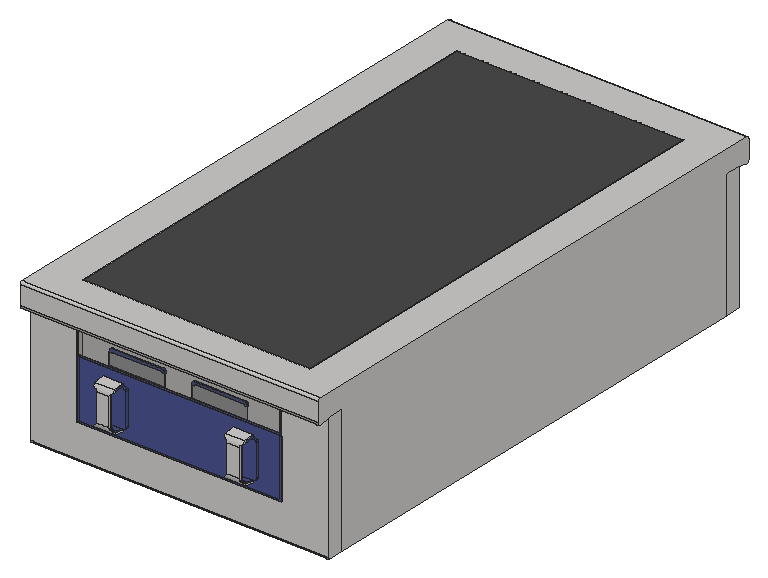
Revit family "QF_ELECTROLUXPROFESSIONAL_589025_MCIBAAEOAO", category Specialty Equipment, Revit 2018
Family settings
  Round Connector Dimension = Use Diameter
  Part Type = Normal
  Work Plane-Based = No
  Always vertical = Yes
  Cut with Voids When Loaded = No
  Shared = No
  Room Calculation Point = No
Parameters
  Weight in Pounds = 55.1
  Watts = 10000 VA  # 10000 W
  Volts = 400 V  # constant formula
  URL Cutsheet = ""
  Type Mark [instance] = ""
  Status [instance] = ""
  Specification by User [instance] = ""
  Specification by Manufacturer = ""
  Serial Number = ""
  Seismic Rating = ""
  SMACNA No = ""
  Revision Code [instance] = ""
  Phase = 3  # constant formula
  Omniclass Number and Title = ""
  Number of Poles [instance] = 1
  NAFEM Spec ID Number = ""
  Model = "589025"
  Min Ckt Ampacity = 0 A
  Max Overcurrent Protection = 0 A
  Masterspec = ""
  Manufacturer = "ELECTROLUX"
  Item Number [instance] = ""
  Installed By [instance] = ""
  Identify Quantity as Lot [instance] = yes
  HP = "13.4 HP"
  Furnished By [instance] = ""
  Foodservice Equipment Identifier [instance] = yes
  FL Amps [instance] = if(Phase = 3, Watts / (Volts * 1.73), Watts / Volts)  # 14.4509 A
  Electrical Remarks = "400 V/3N ph/50/60 Hz"  # constant formula
  Electric Connection Type [instance] = ""
  Elec Conn RI Height [instance] = 0 mm
  Elec Conn Connection Height [instance] = 0 mm
  Direct Waste Size = 0"
  Description = "INDUCTION TOP,2 ZONES,1SIDE,500X900X250H"
  Cycle [instance] = if([60 Hertz Option], 60 Hz, 50 Hz)  # 60 Hz
  Conn Plug = ""
  Conn Conduit = yes
  CSI MasterFormat = ""
  CSI Master Format = ""
  Back Panel [instance] = yes
  Apparent Power [instance] = if(Phase = 3, Volts * FL Amps * 1.73, Volts * FL Amps)  # 10000 VA
  60 Hertz Option [instance] = not([50 Hertz Option])  # yes
  50 Hertz Option [instance] = no
Reference planes
  plane 1 "BACK": y = 0
  plane 2: z = 0
  plane 3 "LEFT": x = 0
  plane 4 "RIGHT": x = 500
  plane 5 "FRONT": y = -900
  plane 6 "TOP": z = 250
  plane 7: x = 250
  plane 8: y = -450
  plane 9: z = 582.185
Forms (mm)
  Extrusion 1, solid, material "QF_Finishes_Stainless Steel"
    sketch origin (0, -487.128, 0) x (0, 1, 0) y (0, 0, 1)
      loop
        line (483.128, 250) -> (-408.872, 250)
        arc (-408.872, 250) -> (-411.7, 248.828) -> (-412.872, 246) r 4
        line (-412.872, 246) -> (-412.872, 214)
        arc (-412.872, 214) -> (-411.443, 210.936) -> (-408.177, 210.061) r 4
        line (-408.177, 210.061) -> (-391.509, 213) -> (-366.872, 213) -> (-366.872, 0) -> (441.128, 0) -> (441.128, 213) -> (465.765, 213) -> (482.433, 210.061)
        arc (482.433, 210.061) -> (485.699, 210.936) -> (487.128, 214) r 4
        line (487.128, 214) -> (487.128, 246)
        arc (487.128, 246) -> (485.956, 248.828) -> (483.128, 250) r 4
    from 0 to 500
  Extrusion 2, solid, material "QF_Finishes_Stainless Steel", visible <- "Back Panel"
    sketch origin (0, 0, 0) x (0, 1, 0) y (0, 0, 1)
      loop
        line (-46, 0) -> (-20, 0) -> (-20, 213) -> (-46, 213) -> (-46, 0)
    from 0 to 500
  Extrusion 3, void
    sketch origin (653.786, 44.048, 250) x (1, 0, 0) y (0, -1, 0)
      loop
        line (-593.786, 104.048) -> (-213.786, 104.048) -> (-213.786, 887.779) -> (-593.786, 887.779) -> (-593.786, 104.048)
    from 0 to 37
  Extrusion 4, solid, material "QF_Finishes_Stainless Steel"
    sketch origin (0, -854, 0) x (1, 0, 0) y (0, -1, 0)
      loop
        circle (455, -169) r 6.35
    from 0 to 3.2
  Extrusion 5, solid, material "QF_Finishes_Black"
    sketch origin (653.786, 44.048, 213) x (1, 0, 0) y (0, 1, 0)
      loop
        line (-593.786, -887.779) -> (-213.786, -887.779) -> (-213.786, -104.048) -> (-593.786, -104.048) -> (-593.786, -887.779)
    from 0 to 37
Cuts and joins
  Extrusion 3 cuts Extrusion 1
Lines and regions (mm)
  symbolic lines
    curve 1: line (0, 0, 0) -> (500, 0, 0)
    curve 2: line (0, -900, 0) -> (0, 0, 0)
    curve 3: line (500, -900, 0) -> (0, -900, 0)
    curve 4: line (500, 0, 0) -> (500, -900, 0)
    curve 5: line (440, -843.73, 0) -> (440, -60, 0)
    curve 6: line (440, -60, 0) -> (60, -60, 0)
    curve 7: line (60, -60, 0) -> (60, -843.73, 0)
    curve 8: line (60, -843.73, 0) -> (440, -843.73, 0)
    curve 9: line (124.883, -902.326, 0) -> (124.883, -900, 0)
    curve 10: spline (130.551, -903.73, 0) -> (130.073, -903.657, 0) -> (129.595, -903.575, 0) -> (129.118, -903.486, 0) -> (128.642, -903.389, 0) -> (128.167, -903.283, 0) -> (127.693, -903.17, 0) -> (127.221, -903.049, 0) -> (126.75, -902.92, 0) -> (126.281, -902.783, 0) -> (125.813, -902.638, 0) -> (125.347, -902.486, 0) -> (124.883, -902.326, 0)
    curve 11: line (157.098, -902.326, 0) -> (157.098, -900, 0)
    curve 12: spline (157.098, -902.326, 0) -> (156.634, -902.486, 0) -> (156.168, -902.638, 0) -> (155.7, -902.783, 0) -> (155.231, -902.92, 0) -> (154.76, -903.049, 0) -> (154.287, -903.17, 0) -> (153.814, -903.283, 0) -> (153.339, -903.389, 0) -> (152.863, -903.486, 0) -> (152.386, -903.575, 0) -> (151.908, -903.657, 0) -> (151.429, -903.73, 0)
    curve 13: line (130.551, -903.73, 0) -> (151.429, -903.73, 0)
    curve 14: line (375.117, -902.326, 0) -> (375.117, -900, 0)
    curve 15: spline (369.449, -903.73, 0) -> (369.927, -903.657, 0) -> (370.405, -903.575, 0) -> (370.882, -903.486, 0) -> (371.358, -903.389, 0) -> (371.833, -903.283, 0) -> (372.307, -903.17, 0) -> (372.779, -903.049, 0) -> (373.25, -902.92, 0) -> (373.719, -902.783, 0) -> (374.187, -902.638, 0) -> (374.653, -902.486, 0) -> (375.117, -902.326, 0)
    curve 16: line (342.902, -902.326, 0) -> (342.902, -900, 0)
    curve 17: spline (342.902, -902.326, 0) -> (343.366, -902.486, 0) -> (343.832, -902.638, 0) -> (344.3, -902.783, 0) -> (344.769, -902.92, 0) -> (345.24, -903.049, 0) -> (345.713, -903.17, 0) -> (346.186, -903.283, 0) -> (346.661, -903.389, 0) -> (347.137, -903.486, 0) -> (347.614, -903.575, 0) -> (348.092, -903.657, 0) -> (348.571, -903.73, 0)
    curve 18: line (369.449, -903.73, 0) -> (348.571, -903.73, 0)
Dimensions and locks
  plane 3 "LEFT" to plane 4 "RIGHT" = 500 mm
  plane 5 "FRONT" to plane 1 "BACK" = 900 mm
  equal spacing: plane 3 "LEFT", plane 7, plane 4 "RIGHT"
  equal spacing: plane 5 "FRONT", plane 8, plane 1 "BACK"
  plane 6 "TOP" to level = 250 mm  (x2)
  plane 1 "BACK" to plane 5 "FRONT" = 900 mm
  Extrusion 4 sketch curve to plane 1 "BACK" = 685 mm
  Extrusion 4 sketch curve to plane 4 "RIGHT" = 45 mm
  aligned and locked: level to plane 2
  aligned and locked: cut or joined group of Extrusion 1, Extrusion 3 to plane 4 "RIGHT"
  aligned and locked: Extrusion 2 to plane 4 "RIGHT"
  aligned and locked: plane 7 to nested 1
Automatic sketch dimensions
  Extrusion 2 sketch curve to Extrusion 2 sketch curve = 26 mm
  plane 1 "BACK" to Extrusion 2 sketch curve = 20 mm
  Extrusion 1 sketch curve to plane 5 "FRONT" = 0 mm
  Extrusion 1 sketch curve to plane 6 "TOP" = 0 mm
  Extrusion 1 sketch curve to level = 0 mm
  Extrusion 1 sketch curve to plane 1 "BACK" = 0 mm
  Extrusion 1 sketch curve to plane 6 "TOP" = 37 mm  (x2)
  Extrusion 1 sketch curve to plane 5 "FRONT" = 4 mm
  Extrusion 1 sketch curve to plane 5 "FRONT" = 21.363 mm
  Extrusion 1 sketch curve to plane 5 "FRONT" = 46 mm
  plane 1 "BACK" to Extrusion 1 sketch curve = 21.363 mm
  plane 1 "BACK" to Extrusion 1 sketch curve = 4 mm  (x2)
  Extrusion 1 sketch curve to Extrusion 1 sketch curve = 4 mm
  Extrusion 1 sketch curve to Extrusion 1 sketch curve = 0.695 mm
  Extrusion 1 sketch curve to Extrusion 1 sketch curve = 0 mm  (x4)
  plane 1 "BACK" to Extrusion 1 sketch curve = 4.695 mm
  Extrusion 1 sketch curve to Extrusion 1 sketch curve = 1 mm  (x2)
  plane 1 "BACK" to Extrusion 1 sketch curve = 46 mm
  plane 1 "BACK" to curve 1 = 0 mm
  curve 1 to plane 4 "RIGHT" = 0 mm
  curve 1 to plane 3 "LEFT" = 0 mm
  plane 5 "FRONT" to curve 3 = 0 mm
  plane 4 "RIGHT" to curve 5 = 60 mm
  plane 5 "FRONT" to curve 14 = 2.326 mm
  curve 5 to curve 14 = 64.883 mm
  plane 5 "FRONT" to curve 18 = 3.73 mm
  curve 14 to curve 18 = 5.669 mm
  curve 18 to curve 18 = 20.878 mm
  plane 5 "FRONT" to curve 16 = 2.326 mm
  curve 18 to curve 16 = 5.669 mm
  plane 5 "FRONT" to curve 11 = 2.326 mm
  curve 11 to plane 7 = 92.902 mm
  plane 5 "FRONT" to curve 13 = 3.73 mm
  curve 11 to curve 13 = 5.669 mm
  curve 13 to curve 13 = 20.878 mm
  plane 5 "FRONT" to curve 9 = 2.326 mm
  curve 10 to curve 9 = 5.669 mm
  plane 3 "LEFT" to curve 7 = 60 mm
  curve 14 to curve 15 = 9.839 mm
  curve 15 to curve 17 = 12.538 mm
  plane 5 "FRONT" to curve 12 = 4.032 mm
  curve 13 to curve 12 = 4.17 mm
  curve 12 to curve 10 = 12.538 mm
  plane 1 "BACK" to curve 7 = 60 mm
  curve 8 to plane 5 "FRONT" = 56.27 mm
  curve 10 to curve 12 = 0 mm
  curve 15 to plane 5 "FRONT" = 39.101 mm
  curve 17 to curve 15 = 0 mm
  Extrusion 1 to Extrusion 3 sketch curve = 60 mm  (x2)
  Extrusion 1 to Extrusion 3 sketch curve = 52.27 mm
  Extrusion 1 to Extrusion 3 sketch curve = 56 mm
  Extrusion 5 sketch curve to Extrusion 3 = 0 mm  (x3)
  Extrusion 3 to Extrusion 5 sketch curve = 0 mm
  Extrusion 2 sketch curve to level = 0 mm
  Extrusion 2 sketch curve to plane 6 "TOP" = 37 mm
  radius of Extrusion 4 sketch curve = 6.35 mm
Nested families
  nested 1: "IDT_900_500 mm Double Control Front Panel" at (252.376, -854, -650), type "IDT_900_500 mm Double Control Front Panel"
Connectors
  electrical at (455, -685, -3.2), driven by "Volts", driven by "Watts"
    settings: on Extrusion 4, index 1, voltage 400 V, apparent load 10000 VA, apparent load phase1 0 VA, apparent load phase2 0 VA, apparent load phase3 0 VA, power factor 1, load classification "Other", number of poles 1, system type 30, power factor state 1, is connector primary yes, connector utility no, sub classification motor no, connector description "ELECTRICAL CONNECTION"
Definition of nested family "IDT_900_500 mm Double Control Front Panel"
  Parameters
    Length = 500 mm
  Reference planes
    plane 1 "Center (Front/Back)": y = 0
    plane 2: z = 0
    plane 3 "Center (Left/Right)": x = -2.376
    plane 4: x = -252.376
    plane 5: x = 247.624
  Forms (mm)
    Extrusion 1, solid
      sketch origin (833.217, 829.203, -1.25) x (0, 1, 0) y (0, 0, 1)
        loop
          arc (-854.203, 654.25) -> (-853.324, 652.129) -> (-851.203, 651.25) r 3
          line (-851.203, 651.25) -> (-829.203, 651.25) -> (-829.203, 864.25) -> (-854.203, 864.25) -> (-854.203, 654.25)
      from -1085.593 to -585.593
    Extrusion 2, void
      sketch origin (33.217, 829.203, -1.25) x (1, 0, 0) y (0, 0, 1)
        loop
          line (-207.593, 852.364) -> (-207.593, 710.364) -> (136.407, 710.364) -> (136.407, 852.364) -> (-207.593, 852.364)
      from 843.409 to 854.203
  Cuts and joins
    Extrusion 2 cuts Extrusion 1
  Dimensions and locks
    equal spacing: plane 5, plane 3 "Center (Left/Right)", plane 4
    "Length": plane 5 to plane 4
    locked: nested 2 to plane 4 at 117.396
    locked: plane 5 to nested 1 at 117
    locked: nested 2 to plane 4 at 141.217
    locked: plane 5 to nested 1 at 140.821
    aligned and locked: cut or joined group of Extrusion 1, Extrusion 2 to plane 4
    aligned and locked: plane 5 to cut or joined group of Extrusion 1, Extrusion 2
    aligned and locked: plane 3 "Center (Left/Right)" to nested 3
  Automatic sketch dimensions
    Extrusion 1 sketch curve to plane 1 "Center (Front/Back)" = 0 mm
    plane 1 "Center (Front/Back)" to Extrusion 1 sketch curve = 22 mm
    Extrusion 1 sketch curve to Extrusion 1 sketch curve = 3 mm
    level to Extrusion 1 sketch curve = 650 mm
    Extrusion 1 sketch curve to Extrusion 1 sketch curve = 210 mm
    plane 4 to Extrusion 2 sketch curve = 78 mm
    Extrusion 2 sketch curve to plane 5 = 78 mm
    level to Extrusion 2 sketch curve = 709.114 mm
    Extrusion 2 sketch curve to Extrusion 2 sketch curve = 142 mm
  Nested families
    nested 1: "Range Control Handle" at (106.804, -28.137, -209.113), type "Range Control Handle"
    nested 2: "Range Control Handle" at (-111.159, -28.137, -209.113) x (-1, 0, 0) z (0, 0, 1), type "Range Control Handle"
    nested 3: "glass conrol panel One Right Side" at (-2.376, 278.697, 0), type "glass conrol panel One Right Side"
  Definition of nested family "Range Control Handle"
    Reference planes
      plane 1 "Center (Front/Back)": y = 0
      plane 2: z = 0
      plane 3 "Center (Left/Right)": x = 0
      plane 4: z = 971.092
    Forms (mm)
      Extrusion 1, solid
        sketch origin (-746.28, 380.497, 208.931) x (-1, 0, 0) y (0, 0, 1)
          loop
            line (-770.101, 786.798) -> (-770.101, 731.649)
            arc (-770.101, 731.649) -> (-769.759, 730.563) -> (-768.855, 729.87) r 1.893
            line (-768.855, 729.87) -> (-763.474, 727.911) -> (-729.81, 727.911) -> (-724.428, 729.87)
            arc (-724.428, 729.87) -> (-723.525, 730.563) -> (-723.183, 731.649) r 1.893
            line (-723.183, 731.649) -> (-723.183, 786.798)
            arc (-723.183, 786.798) -> (-723.529, 787.894) -> (-724.44, 788.593) r 1.91
            line (-724.44, 788.593) -> (-729.683, 790.819) -> (-763.601, 790.819) -> (-768.844, 788.593)
            arc (-768.844, 788.593) -> (-769.755, 787.894) -> (-770.101, 786.798) r 1.91
        from -382.35 to -378.852
      Sweep 2, solid
        path origin (-746.788, 380.496, 208.091) x (0, -1, 0) y (0, 0, 1)
          loop
            line (379.775, 793.281) -> (395.661, 791.048)
            arc (395.661, 791.048) -> (397.781, 787.377) -> (398.517, 783.202) r 12.207
            line (398.517, 783.202) -> (398.517, 737.368)
            arc (398.517, 737.368) -> (397.781, 733.193) -> (395.661, 729.522) r 12.207
            line (395.661, 729.522) -> (379.775, 727.289)
        profile origin (-746.788, -7.222, 1000.256) x (0, -0.139173, 0.990268) y (-1, 0, 0)
          loop
            line (0.782, -763.123) -> (0.782, -730.907) -> (-1.322, -730.907) -> (-1.322, -763.123) -> (0.782, -763.123)
      Sweep 3, solid
        path origin (-746.788, 380.715, 207.832) x (0, -1, 0) y (0, 0, 1)
          loop
            line (380.478, 795.442) -> (397.218, 793.09)
            arc (397.218, 793.09) -> (399.929, 788.473) -> (400.871, 783.202) r 15.207
            line (400.871, 783.202) -> (400.871, 737.584)
            arc (400.871, 737.584) -> (399.914, 732.274) -> (397.164, 727.633) r 15.207
            line (397.164, 727.633) -> (380.601, 725.305)
        profile origin (-746.788, -8.132, 1002.099) x (0, -0.139173, 0.990268) y (-1, 0, 0)
          loop
            line (0.782, -763.123) -> (0.782, -730.907) -> (-1.322, -730.907) -> (-1.322, -763.123) -> (0.782, -763.123)
      Extrusion 4, void
        sketch origin (889.253, 220.666, 207.993) x (1, 0, 0) y (0, 0, 1)
          loop
            line (-943.038, 816.854) -> (-943.038, 703.686) -> (-899.466, 734.196) -> (-899.466, 786.344) -> (-943.038, 816.854)
        from 230.636 to 242.25
      Extrusion 5, void
        sketch origin (-888.8, 220.666, 207.993) x (-1, 0, 0) y (0, 0, -1)
          loop
            line (-943.038, -816.854) -> (-899.466, -786.344) -> (-899.466, -734.196) -> (-943.038, -703.686) -> (-943.038, -816.854)
        from 230.636 to 242.25
      Extrusion 6, solid
        sketch origin (0, 0, 0) x (1, 0, 0) y (0, 0, 1)
          loop
            circle (0, 971.092) r 7.736
        from -3.137 to -1.645
    Cuts and joins
      Extrusion 4, Extrusion 5 cuts Sweep 3
      Extrusion 4, Extrusion 5 cuts Sweep 2
      joined: Extrusion 1, Extrusion 6
    Lines and regions (mm)
      symbolic lines
        curve 1: line (23.821, 1.645, 0) -> (-23.097, 1.645, 0)
        curve 2: line (16.334, -1.853, 0) -> (23.821, -1.853, 0)
        curve 3: line (-15.881, -19.189, 0) -> (-15.881, -1.853, 0)
        curve 4: line (-23.097, -1.853, 0) -> (-15.881, -1.853, 0)
        curve 5: line (16.334, -19.189, 0) -> (16.334, -1.853, 0)
        curve 6: spline (-15.881, -19.189, 0) -> (-15.417, -19.349, 0) -> (-14.951, -19.501, 0) -> (-14.483, -19.646, 0) -> (-14.014, -19.783, 0) -> (-13.543, -19.912, 0) -> (-13.071, -20.033, 0) -> (-12.597, -20.146, 0) -> (-12.122, -20.251, 0) -> (-11.646, -20.349, 0) -> (-11.169, -20.438, 0) -> (-10.691, -20.52, 0) -> (-10.213, -20.593, 0)
        curve 7: spline (10.666, -20.593, 0) -> (11.144, -20.52, 0) -> (11.622, -20.438, 0) -> (12.099, -20.349, 0) -> (12.575, -20.251, 0) -> (13.05, -20.146, 0) -> (13.524, -20.033, 0) -> (13.996, -19.912, 0) -> (14.467, -19.783, 0) -> (14.936, -19.646, 0) -> (15.404, -19.501, 0) -> (15.87, -19.349, 0) -> (16.334, -19.189, 0)
        curve 8: line (-10.213, -20.938, 0) -> (10.716, -20.938, 0)
        curve 9: line (-23.097, 1.645, 0) -> (-23.097, -1.853, 0)
        curve 10: line (23.821, 1.645, 0) -> (23.821, -1.853, 0)
  Definition of nested family "glass conrol panel One Right Side"
    Reference planes
      plane 1 "Center (Front/Back)": y = 0
      plane 2: z = 0
      plane 3 "Center (Left/Right)": x = 0
    Forms (mm)
      Extrusion 1, solid
        sketch origin (378.286, 0, 0.617) x (1, 0, 0) y (0, 0, 1)
          loop
            line (-550.286, 806.791) -> (-550.286, 708.497) -> (-206.286, 708.497) -> (-206.286, 806.791) -> (-550.286, 806.791)
        from 300.031 to 304.8
      Extrusion 2, solid
        sketch origin (378.286, 0, 0.617) x (1, 0, 0) y (0, 0, 1)
          loop
            line (-550.286, 850.497) -> (-550.286, 806.791) -> (-206.286, 806.791) -> (-206.286, 850.497) -> (-550.286, 850.497)
        from 300.031 to 304.8
      Extrusion 3, void
        sketch origin (378.286, 0, 0.617) x (1, 0, 0) y (0, 0, 1)
          loop
            line (-547.628, 847.565) -> (-547.628, 710.699) -> (-209.196, 710.699) -> (-209.196, 847.565) -> (-547.628, 847.565)
        from 303.697 to 304.8
      Extrusion 4, solid
        sketch origin (377.536, 1.101, -0.633) x (1, 0, 0) y (0, 0, 1)
          loop
            line (-261.431, 812.62) -> (-261.431, 834.177) -> (-266.24, 834.177) -> (-268.039, 835.977) -> (-348.469, 835.977) -> (-350.269, 834.177) -> (-355.186, 834.177) -> (-355.186, 812.62) -> (-261.431, 812.62)
        from 304.798 to 306.745
      Extrusion 5, solid
        sketch origin (377.536, 1.101, -0.633) x (1, 0, 0) y (0, 0, 1)
          loop
            line (-350.269, 834.177) -> (-348.469, 835.977) -> (-268.039, 835.977) -> (-266.24, 834.177) -> (-261.529, 834.177)
            arc (-261.529, 834.177) -> (-262.706, 838.752) -> (-266.98, 840.763) r 5.549
            line (-266.98, 840.763) -> (-349.686, 840.763)
            arc (-349.686, 840.763) -> (-353.942, 838.747) -> (-355.078, 834.177) r 5.5
            line (-355.078, 834.177) -> (-350.269, 834.177)
        from 304.798 to 306.745
      Extrusion 6, solid
        sketch origin (-377.536, 1.101, -0.633) x (-1, 0, 0) y (0, 0, -1)
          loop
            line (-261.431, -812.62) -> (-355.186, -812.62) -> (-355.186, -834.177) -> (-350.269, -834.177) -> (-348.469, -835.977) -> (-268.039, -835.977) -> (-266.24, -834.177) -> (-261.431, -834.177) -> (-261.431, -812.62)
        from 304.798 to 306.745
      Extrusion 7, solid
        sketch origin (-377.536, 1.101, -0.633) x (-1, 0, 0) y (0, 0, -1)
          loop
            line (-350.269, -834.177) -> (-355.078, -834.177)
            arc (-355.078, -834.177) -> (-353.942, -838.747) -> (-349.686, -840.763) r 5.5
            line (-349.686, -840.763) -> (-266.98, -840.763)
            arc (-266.98, -840.763) -> (-262.706, -838.752) -> (-261.529, -834.177) r 5.549
            line (-261.529, -834.177) -> (-266.24, -834.177) -> (-268.039, -835.977) -> (-348.469, -835.977) -> (-350.269, -834.177)
        from 304.798 to 306.745
    Cuts and joins
      Extrusion 3 cuts Extrusion 1
      Extrusion 3 cuts Extrusion 2
      Extrusion 3 cuts Extrusion 4
      Extrusion 3 cuts Extrusion 5
    Dimensions and locks
      aligned and locked: Extrusion 1 to Extrusion 2
      aligned and locked: Extrusion 5 sketch curve to Extrusion 4  (x4)
      aligned and locked: Extrusion 4 to Extrusion 5 sketch curve
      aligned and locked: Extrusion 5 to Extrusion 4
      aligned and locked: Extrusion 7 sketch curve to Extrusion 6  (x5)
      aligned and locked: Extrusion 7 to Extrusion 6
